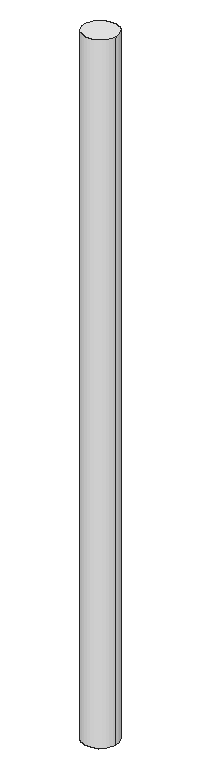
Revit family "colum", category Tragwerksstützen, Revit 2018
Family settings
  In verdeckten Ansichten anzeigen = Von anderen Elementen verdeckte Kanten
  Querschnittsform = Nicht definiert
  Material für Modellverhalten = Fertigbeton
  Immer als Geometrie exportieren = Nein
  Trägerkürzung in Plan = Nach Begrenzungsrahmen
  Beim Laden mit Abzugskörper schneiden = Nein
  Symboldarstellung = Aus Familie
  Gemeinsam genutzt = Nein
  Schnittebene der Familie für Draufsichten verwenden = Ja
Parameters (values of type "D=20")
  Structural Material [instance] = none
  Radius = Durchmesser / 2  # 100 mm
  Kopftiefe = 200 mm
  Kopfhoehe = 300 mm
  Kopfbreite = 200 mm
  Kopf [instance] = no
  KT_ = Kopftiefe / 2  # 100 mm
  KB_ = Kopfbreite / 2  # 100 mm
  Durchmesser = 200 mm
Types (5, lengths in mm): name | Radius | Kopftiefe | Kopfbreite | KT_ | KB_ | Durchmesser
  D=20 | 100 | 200 | 200 | 100 | 100 | 200
  D=50 | 250 | 500 | 500 | 250 | 250 | 500
  D=40 | 200 | 400 | 400 | 200 | 200 | 400
  D=60 | 300 | 600 | 600 | 300 | 300 | 600
  D=70 | 350 | 700 | 700 | 350 | 350 | 700
Reference planes
  plane 1 "Mitte (Vorne/hinten)": y = 0
  plane 2: z = 0
  plane 3 "Mitte (Links/rechts)": x = 0
  plane 4 "UK": z = 3700
  plane 5: y = 100
  plane 6: x = -100
  plane 7: y = -100
  plane 8: x = 100
Forms (mm)
  Extrusion 1, solid, material <- "Structural Material", detail levels medium+fine
    sketch origin (0, 0, 0) x (1, 0, 0) y (0, 1, 0)
      loop
        circle (0, 0) r 100
    from 0 to 4000
  Extrusion 2, solid, material <- "Structural Material", detail levels coarse
    sketch origin (0, 0, 0) x (1, 0, 0) y (0, 1, 0)
      loop
        circle (0, 0) r 100
    from 0 to 4000
  Extrusion 3, solid, material <- "Structural Material", visible <- "Kopf", detail levels coarse
    sketch origin (0, 0, 3700) x (1, 0, 0) y (0, 1, 0)
      loop
        line (-100, 100) -> (-100, -100) -> (100, -100) -> (100, 100) -> (-100, 100)
    from 0 to 300 <- "Kopfhoehe"
  Extrusion 4, solid, material <- "Structural Material", visible <- "Kopf", detail levels medium+fine
    sketch origin (0, 0, 3700) x (1, 0, 0) y (0, 1, 0)
      loop
        line (-100, 100) -> (-100, -100) -> (100, -100) -> (100, 100) -> (-100, 100)
    from 0 to 300 <- "Kopfhoehe"
Lines and regions (mm)
  symbolic lines, style "HiddenStructuralColumnLines", visible <- "Kopf", detail levels medium+fine
    curve 1: line (-100, 100, 3700) -> (100, 100, 3700)
    curve 2: line (-100, -100, 3700) -> (-100, 100, 3700)
    curve 3: line (100, -100, 3700) -> (-100, -100, 3700)
    curve 4: line (100, 100, 3700) -> (100, -100, 3700)
Dimensions and locks
  "Kopfhoehe": plane 4 "UK" to level
  "Kopfbreite": plane 6 to plane 8
  "KB_": plane 3 "Mitte (Links/rechts)" to plane 8
  "KT_": plane 1 "Mitte (Vorne/hinten)" to plane 7
  "Kopftiefe": plane 5 to plane 7
  "Radius": radius of Extrusion 1 sketch curve
  "Radius": radius of Extrusion 2 sketch curve
  aligned and locked: level to Extrusion 1
  aligned and locked: Extrusion 1 to level
  aligned and locked: level to Extrusion 2
  aligned and locked: Extrusion 3 sketch curve to plane 5
  aligned and locked: plane 6 to Extrusion 3 sketch curve
  aligned and locked: plane 7 to Extrusion 3 sketch curve
  aligned and locked: Extrusion 3 sketch curve to plane 8
  aligned and locked: Extrusion 4 sketch curve to plane 5
  aligned and locked: Extrusion 4 sketch curve to plane 8
  aligned and locked: plane 7 to Extrusion 4 sketch curve
  aligned and locked: plane 6 to Extrusion 4 sketch curve
  aligned and locked: curve 1 to plane 5
  aligned and locked: plane 6 to curve 2
  aligned and locked: plane 7 to curve 3
  aligned and locked: curve 4 to plane 8
Automatic sketch dimensions
  Extrusion 1 sketch curve to plane 1 "Mitte (Vorne/hinten)" = 0 mm
  Extrusion 1 sketch curve to plane 3 "Mitte (Links/rechts)" = 0 mm
  plane 1 "Mitte (Vorne/hinten)" to Extrusion 2 sketch curve = 0 mm
  Extrusion 2 sketch curve to plane 3 "Mitte (Links/rechts)" = 0 mm
